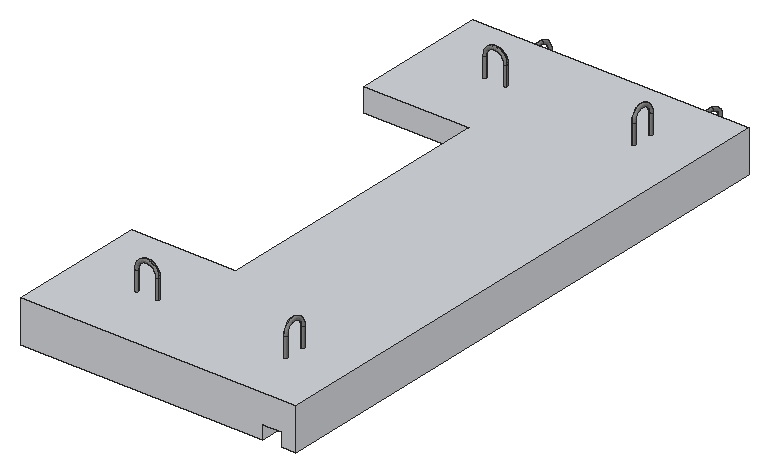
Revit family "110201-00008 Блок стеновой жб СБ-3-2", category Обобщенные модели, Revit 2019
Family settings
  Может служить основой для арматурных стержней = Нет
  Размер круглого соединителя = Использовать диаметр
  Тип детали = Нормальный
  На основе рабочей плоскости = Нет
  Всегда вертикально = Да
  При загрузке вырезать с полостями = Нет
  Общий = Нет
  Точка расчета площади = Нет
Parameters (values of type "Блок стеновой ж/б СБ-3-2")
  ADSK_Ширина блока = "160"
  ADSK_Ссылка на сайт = "https://www.ssd.ru/blok-stenovoy-zh-b-sb-3-2"
  ADSK_Сертификат соответствия = "https://www.ssd.ru/upload/iblock/ec0/sert_b25_0221.pdf"
  ADSK_Наименование = "Блок стеновой ж/б СБ-3-2"
  ADSK_Масса = "650"
  ADSK_Марка бетона = "В25"
  ADSK_Марка = "СБ-3-2"
  ADSK_Код изделия = "110201-00008"
  ADSK_Изготовитель = "АО СВЯЗЬСТРОЙДЕТАЛЬ"
  ADSK_Длина = 1050 mm
  ADSK_Высота [instance] = 2160 mm
Reference planes
  plane 1 "По центру (Вперед/Назад)": y = 0
  plane 2: z = 0
  plane 3 "По центру (Влево/Вправо)": x = 0
  plane 4: x = 1050
  plane 5: y = 1080
  plane 6: y = -1080
  plane 7: y = 665
  plane 8: y = -665
  plane 9: x = 650
  plane 10: x = 400
  plane 11: y = -550
Forms (mm)
  Extrusion 1, solid
    sketch origin (0, 0, 0) x (1, 0, 0) y (0, 0, 1)
      loop
        line (1050, -1.013) -> (1050, 158.987) -> (-1050, 158.987) -> (-1050, -1.013) -> (1050, -1.013)
    from -1080 to 1080
  Extrusion 2, void, detail levels medium+fine
    sketch origin (-250, 0, 0) x (1, 0, 0) y (0, 1, 0)
      loop
        line (-400, -665) -> (900, -665) -> (900, 665) -> (-400, 665) -> (-400, -665)
    from -29.606 to 70
  Extrusion 3, void, detail levels medium+fine
    sketch origin (0, 0, 0) x (1, 0, 0) y (0, 1, 0)
      loop
        line (-550, 560) -> (-550, -550) -> (400, -550) -> (400, 560) -> (-550, 560)
    from -29.606 to 158.987
  Extrusion 4, void, detail levels medium+fine
    sketch origin (0, 0, -108.983) x (0, 1, 0) y (-1, 0, 0)
      loop
        line (1080, -997.737) -> (1080, -926.221) -> (-1080, -926.221) -> (-1080, -997.737) -> (1080, -997.737)
    from 107.97 to 158.987
  Extrusion 5, void
    sketch origin (0, 0, -2.026) x (0, -1, 0) y (1, 0, 0)
      loop
        line (-1080, -997.737) -> (1080, -997.737) -> (1080, -926.221) -> (-1080, -926.221) -> (-1080, -997.737)
    from 1.013 to 52.026
  Sweep 6, solid, material "Новый материал (по умолчанию)", detail levels fine
    path origin (849.253, 1057.632, -420.061) x (-0.023631, -0.999721, 0) y (0, 0, 1)
      loop
        line (265.993, 579.048) -> (265.993, 654.048)
        arc (265.993, 654.048) -> (225.993, 694.048) -> (185.993, 654.048) r 40
        line (185.993, 654.048) -> (185.993, 579.048)
    profile origin (842.968, 791.714, 196.487) x (0.023631, 0.999721, 0) y (-0.999721, 0.023631, 0)
      loop
        circle (0, 0) r 6
  Sweep 7, solid, material "Новый материал (по умолчанию)", detail levels fine
    path origin (856.428, 500.952, -146.026) x (-0.023631, 0, 0.999721) y (0, 1, 0)
      loop
        line (265.993, 579.048) -> (265.993, 654.048)
        arc (265.993, 654.048) -> (225.993, 694.048) -> (185.993, 654.048) r 40
        line (185.993, 654.048) -> (185.993, 579.048)
    profile origin (850.142, 1117.5, 119.892) x (0.023631, 0, -0.999721) y (-0.999721, 0, -0.023631)
      loop
        circle (0, 0) r 6
  Sweep 8, solid, material "Новый материал (по умолчанию)", detail levels fine
    path origin (57.99, 836.428, -420.061) x (0.999721, -0.023631, 0) y (0, 0, 1)
      loop
        line (265.993, 579.048) -> (265.993, 654.048)
        arc (265.993, 654.048) -> (225.993, 694.048) -> (185.993, 654.048) r 40
        line (185.993, 654.048) -> (185.993, 579.048)
    profile origin (323.908, 830.142, 196.487) x (-0.999721, 0.023631, 0) y (-0.023631, -0.999721, 0)
      loop
        circle (0, 0) r 6
  Sweep 9, solid, material "Новый материал (по умолчанию)", detail levels fine
    path origin (849.253, -602.651, -420.061) x (-0.023631, -0.999721, 0) y (0, 0, 1)
      loop
        line (265.993, 579.048) -> (265.993, 654.048)
        arc (265.993, 654.048) -> (225.993, 694.048) -> (185.993, 654.048) r 40
        line (185.993, 654.048) -> (185.993, 579.048)
    profile origin (842.968, -868.57, 196.487) x (0.023631, 0.999721, 0) y (-0.999721, 0.023631, 0)
      loop
        circle (0, 0) r 6
  Sweep 10, solid, material "Новый материал (по умолчанию)", detail levels fine
    path origin (57.99, -823.856, -420.061) x (0.999721, -0.023631, 0) y (0, 0, 1)
      loop
        line (265.993, 579.048) -> (265.993, 654.048)
        arc (265.993, 654.048) -> (225.993, 694.048) -> (185.993, 654.048) r 40
        line (185.993, 654.048) -> (185.993, 579.048)
    profile origin (323.908, -830.142, 196.487) x (-0.999721, 0.023631, 0) y (-0.023631, -0.999721, 0)
      loop
        circle (0, 0) r 6
  Extrusion 11, void
    sketch origin (0, 0, 0) x (1, 0, 0) y (0, 1, 0)
      loop
        line (-1050, 1080) -> (-1050, -1080) -> (0, -1080) -> (0, 1080) -> (-1050, 1080)
    from -29.606 to 250
  Sweep 12, solid, material "Новый материал (по умолчанию)", detail levels fine
    path origin (206.428, 500.952, -146.026) x (-0.023631, 0, 0.999721) y (0, 1, 0)
      loop
        line (265.993, 579.048) -> (265.993, 654.048)
        arc (265.993, 654.048) -> (225.993, 694.048) -> (185.993, 654.048) r 40
        line (185.993, 654.048) -> (185.993, 579.048)
    profile origin (200.142, 1117.5, 119.892) x (0.023631, 0, -0.999721) y (-0.999721, 0, -0.023631)
      loop
        circle (0, 0) r 6
Cuts and joins
  Extrusion 2, Extrusion 3, Extrusion 4, Extrusion 5, Extrusion 11 cuts Extrusion 1
Lines and regions (mm)
  reference lines
    curve 1: line (0, -1080, 158.987) -> (0, -830, 158.987)
    curve 2: line (0, 1080, 0) -> (200, 1080, 0)
Dimensions and locks
  "ADSK_Высота": plane 5 to plane 6
  equal spacing: plane 5, plane 1 "По центру (Вперед/Назад)", plane 6
  cut or joined group of Extrusion 1, Extrusion 2, Extrusion 3, Extrusion 4, Extrusion 5, Extrusion 11 to cut or joined group of Extrusion 1, Extrusion 2, Extrusion 3, Extrusion 4, Extrusion 5, Extrusion 11 = 160 mm
  "ADSK_Длина": plane 3 "По центру (Влево/Вправо)" to plane 4
  aligned and locked: level to plane 2
  aligned and locked: plane 7 to Extrusion 2
  aligned and locked: plane 8 to Extrusion 2
  aligned and locked: Extrusion 2 to plane 9
  aligned and locked: Extrusion 3 to plane 11
  aligned and locked: plane 10 to Extrusion 3
Automatic sketch dimensions
  Extrusion 1 sketch curve to plane 4 = 0 mm
  Extrusion 1 sketch curve to level = 1.013 mm
  level to Extrusion 1 sketch curve = 158.987 mm
  Extrusion 2 sketch curve to plane 7 = 0 mm
  Extrusion 2 sketch curve to plane 9 = 0 mm
  plane 8 to Extrusion 2 sketch curve = 0 mm
  curve 2 to plane 3 "По центру (Влево/Вправо)" = 0 mm
  Extrusion 3 sketch curve to plane 10 = 0 mm
  Extrusion 3 sketch curve to plane 11 = 0 mm
  Extrusion 3 sketch curve to plane 7 = 105 mm
  Extrusion 4 sketch curve to plane 6 = 0 mm
  Extrusion 4 sketch curve to plane 5 = 0 mm
  Extrusion 4 sketch curve to plane 4 = 52.263 mm
  Extrusion 4 sketch curve to Extrusion 4 sketch curve = 71.516 mm
  Extrusion 5 sketch curve to plane 5 = 0 mm
  Extrusion 5 sketch curve to plane 6 = 0 mm
  Extrusion 5 sketch curve to Extrusion 5 sketch curve = 71.516 mm
  curve 1 to plane 6 = 0 mm
  level to curve 1 = 158.987 mm
  plane 8 to curve 1 = 165 mm
  level to Sweep 6 sketch curve = 233.987 mm
  Sweep 6 sketch curve to Sweep 6 sketch curve = 40 mm
  Sweep 6 sketch curve to Sweep 6 sketch curve = 75 mm  (x2)
  profile plane to Sweep 6 sketch curve = 0 mm
  Sweep 6 sketch curve to profile plane = 0 mm
  plane 5 to Sweep 7 sketch curve = 0 mm  (x2)
  plane 5 to Sweep 7 sketch curve = 75 mm
  Sweep 7 sketch curve to Sweep 7 sketch curve = 40 mm
  profile plane to Sweep 7 sketch curve = 0 mm  (x2)
  level to Sweep 8 sketch curve = 233.987 mm
  Sweep 8 sketch curve to Sweep 8 sketch curve = 40 mm
  Sweep 8 sketch curve to Sweep 8 sketch curve = 75 mm  (x2)
  profile plane to Sweep 8 sketch curve = 0 mm  (x2)
  level to Sweep 9 sketch curve = 233.987 mm
  Sweep 9 sketch curve to Sweep 9 sketch curve = 40 mm
  Sweep 9 sketch curve to Sweep 9 sketch curve = 75 mm  (x2)
  profile plane to Sweep 9 sketch curve = 0 mm
  Sweep 9 sketch curve to profile plane = 0 mm
  level to Sweep 10 sketch curve = 233.987 mm
  Sweep 10 sketch curve to Sweep 10 sketch curve = 40 mm
  Sweep 10 sketch curve to Sweep 10 sketch curve = 75 mm  (x2)
  profile plane to Sweep 10 sketch curve = 0 mm  (x2)
  Extrusion 11 sketch curve to plane 3 "По центру (Влево/Вправо)" = 0 mm
  Extrusion 11 sketch curve to plane 6 = 0 mm
  Extrusion 11 sketch curve to plane 5 = 0 mm
  plane 5 to Sweep 12 sketch curve = 0 mm  (x2)
  plane 5 to Sweep 12 sketch curve = 75 mm
  Sweep 12 sketch curve to Sweep 12 sketch curve = 40 mm
  profile plane to Sweep 12 sketch curve = 0 mm  (x2)
  curve 2 to plane 5 = 0 mm
  plane 3 "По центру (Влево/Вправо)" to curve 2 = 200 mm
  Extrusion 1 sketch curve to plane 3 "По центру (Влево/Вправо)" = 1050 mm
  Extrusion 2 sketch curve to plane 3 "По центру (Влево/Вправо)" = 650 mm
  Extrusion 3 sketch curve to plane 3 "По центру (Влево/Вправо)" = 550 mm
  Extrusion 5 sketch curve to plane 3 "По центру (Влево/Вправо)" = 997.737 mm
  Extrusion 11 sketch curve to plane 3 "По центру (Влево/Вправо)" = 1050 mm
  radius of Sweep 6 sketch curve = 6 mm
  radius of Sweep 7 sketch curve = 6 mm
  radius of Sweep 8 sketch curve = 6 mm
  radius of Sweep 9 sketch curve = 6 mm
  radius of Sweep 10 sketch curve = 6 mm
  radius of Sweep 12 sketch curve = 6 mm
